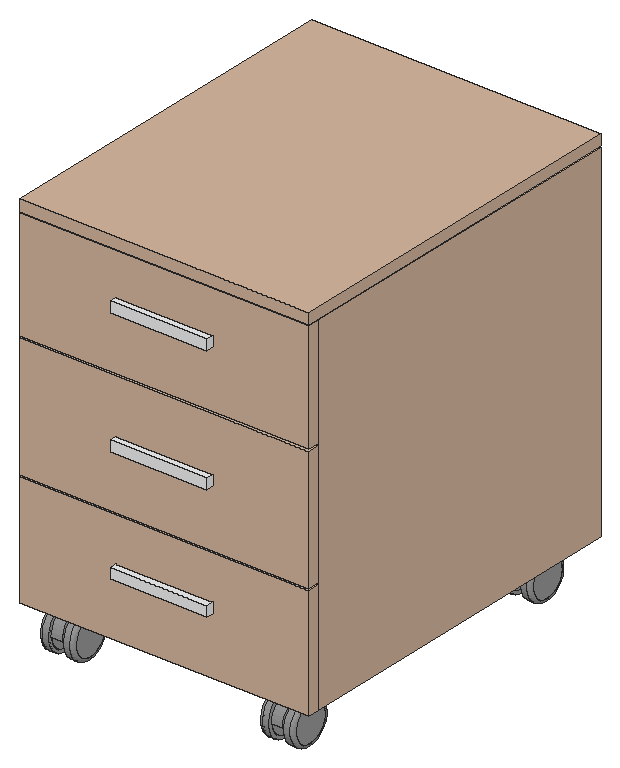
Revit family "Тумба выкатная 3 ящика Юнитекс ПФ ПТ", category Оборудование, Revit 2017
Family settings
  Размер круглого соединителя = Использовать диаметр
  Тип детали = Нормальный
  Номер OmniClass = 23.40.20.00
  Заголовок OmniClass = General Furniture and Specialties
  На основе рабочей плоскости = Нет
  Всегда вертикально = Да
  При загрузке вырезать с полостями = Нет
  Общий = Нет
  Точка расчета площади = Нет
Parameters (values of type "Тумба выкатная 3-ящичная с замком ПФ")
  Общ_Ширина = 420 mm
  Общ_Тип, марка = "ПК 781"
  Общ_Примечание = ""
  Общ_Поставщик = "Юнитекс"
  Общ_Позиция = ""
  Общ_Наименование = "Тумба выкатная 3-ящичная с замком"
  Общ_Масса = ""
  Общ_Код продукции = ""
  Общ_Единицы измерения = "шт."
  Общ_Глубина = 530 mm
  Общ_Высота = 590 mm
  Изготовитель = "ОАО «1470 УМТО» - производственная база «27ДОЗ» 121471 г. Москва, ул.Гжатская д.9. Тел:(495)443-62-26 Сайт: пэу.рф"
Types (3, lengths in mm): name | Общ_Тип, марка | Общ_Наименование | Общ_Глубина | Общ_Высота
  Тумба выкатная 3-ящичная с центральным замком ПФ | "ПК 918" | "Тумба выкатная 3-ящичная с центральным замком" | 530 | 590
  Тумба выкатная 3-ящичная с замком ПФ | "ПК 781" | "Тумба выкатная 3-ящичная с замком" | 530 | 590
  Тумба к столу руководителя ПТ | "ПТ 213" | "Тумба выкатная с прямоугольной крышкой 3-ящичная с центральным замком" | 520 | 600
Reference planes
  plane 1 "По центру (Вперед/Назад)": y = -530.004
  plane 2: z = 0
  plane 3 "По центру (Влево/Вправо)": x = 0
  plane 4: x = 420
  plane 5: y = -0.004
  plane 6: z = 590
  plane 7: z = 50
  plane 8: x = 370
  plane 9: x = 50
  plane 10: y = -50.004
  plane 11: y = -480.004
Forms (mm)
  Extrusion 1, solid, material "GKS_Дуб", detail levels fine
    sketch origin (0, 0, 0) x (1, 0, 0) y (0, 1, 0)
      loop
        line (420, -530.004) -> (420, -0.004) -> (0, -0.004) -> (0, -530.004) -> (420, -530.004)
    from 65 to 590
  Extrusion 2, void, detail levels fine
    sketch origin (420, -530.004, 0) x (1, 0, 0) y (0, 0, -1)
      loop
        line (-420, -412) -> (0, -412) -> (0, -409) -> (-420, -409) -> (-420, -412)
      loop
        line (-420, -231) -> (0, -231) -> (0, -228) -> (-420, -228) -> (-420, -231)
    from 0 to 18
  Extrusion 3, solid, material "Алюминий 1100-H14", detail levels fine
    sketch origin (420, -530.004, 0) x (-1, 0, 0) y (0, 0, -1)
      loop
        line (280, -510.937) -> (280, -495.937) -> (140, -495.937) -> (140, -510.937) -> (280, -510.937)
      loop
        line (280, -329.937) -> (280, -314.937) -> (140, -314.937) -> (140, -329.937) -> (280, -329.937)
      loop
        line (280, -163.937) -> (280, -148.937) -> (140, -148.937) -> (140, -163.937) -> (280, -163.937)
    from 0 to 10
  Extrusion 4, void
    sketch origin (0, 0, 0) x (1, 0, 0) y (0, 1, 0)
      loop
        line (415, -5.004) -> (5, -5.004) -> (5, -525.004) -> (415, -525.004) -> (415, -5.004)
      loop
        line (420, -0.004) -> (0, -0.004) -> (0, -530.004) -> (420, -530.004) -> (420, -0.004)
    from 572 to 574
  Extrusion 5, void
    sketch origin (0, 0, 0) x (1, 0, 0) y (0, 1, 0)
      loop
        line (0, -512.004) -> (0, -514.004) -> (16, -514.004) -> (16, -512.004) -> (0, -512.004)
      loop
        line (404, -512.004) -> (404, -514.004) -> (420, -514.004) -> (420, -512.004) -> (404, -512.004)
    from 65 to 572
Cuts and joins
  Extrusion 2, Extrusion 4, Extrusion 5 cuts Extrusion 1
Lines and regions (mm)
  symbolic lines
    curve 1: line (0, -0.004, 0) -> (420, -0.004, 0)
    curve 2: line (0, -530.004, 0) -> (0, -0.004, 0)
    curve 3: line (420, -530.004, 0) -> (0, -530.004, 0)
    curve 4: line (420, -0.004, 0) -> (420, -530.004, 0)
    curve 5: line (0, -530.004, 0) -> (210, -0.004, 0)
    curve 6: line (210, -0.004, 0) -> (420, -530.004, 0)
Dimensions and locks
  "Общ_Глубина": plane 1 "По центру (Вперед/Назад)" to plane 5
  "Общ_Ширина": plane 3 "По центру (Влево/Вправо)" to plane 4
  "Общ_Высота": plane 6 to level
  plane 7 to plane 2 = 50 mm
  plane 3 "По центру (Влево/Вправо)" to Extrusion 1 = 420 mm
  aligned and locked: level to plane 2
  aligned and locked: Extrusion 1 sketch curve to plane 1 "По центру (Вперед/Назад)"
  aligned and locked: plane 4 to Extrusion 1 sketch curve
  aligned and locked: plane 5 to Extrusion 1 sketch curve
  aligned and locked: plane 3 "По центру (Влево/Вправо)" to Extrusion 1 sketch curve
  aligned and locked: Extrusion 1 to plane 6
  aligned and locked: curve 1 to cut or joined group of Extrusion 1, Extrusion 2, Extrusion 4, Extrusion 5
  aligned and locked: curve 2 to cut or joined group of Extrusion 1, Extrusion 2, Extrusion 4, Extrusion 5
  aligned and locked: curve 3 to cut or joined group of Extrusion 1, Extrusion 2, Extrusion 4, Extrusion 5
  aligned and locked: curve 4 to cut or joined group of Extrusion 1, Extrusion 2, Extrusion 4, Extrusion 5
Automatic sketch dimensions
  Extrusion 2 sketch curve to Extrusion 1 = 0 mm  (x2)
  Extrusion 1 to Extrusion 2 sketch curve = 0 mm  (x2)
  Extrusion 2 sketch curve to Extrusion 1 = 178 mm
  Extrusion 2 sketch curve to Extrusion 2 sketch curve = 3 mm  (x2)
  Extrusion 2 sketch curve to Extrusion 2 sketch curve = 178 mm
  Extrusion 3 sketch curve to Extrusion 1 = 140 mm  (x6)
  Extrusion 1 to Extrusion 3 sketch curve = 79.063 mm
  Extrusion 3 sketch curve to Extrusion 3 sketch curve = 15 mm  (x3)
  Extrusion 3 sketch curve to Extrusion 3 sketch curve = 166 mm
  Extrusion 1 to Extrusion 3 sketch curve = 98.937 mm
  plane 3 "По центру (Влево/Вправо)" to curve 5 = 210 mm
  plane 4 to Extrusion 4 sketch curve = 5 mm
  Extrusion 4 sketch curve to plane 1 "По центру (Вперед/Назад)" = 5 mm
  plane 5 to Extrusion 4 sketch curve = 5 mm
  plane 3 "По центру (Влево/Вправо)" to Extrusion 4 sketch curve = 5 mm
  Extrusion 4 sketch curve to plane 3 "По центру (Влево/Вправо)" = 0 mm
  plane 1 "По центру (Вперед/Назад)" to Extrusion 4 sketch curve = 0 mm
  plane 5 to Extrusion 4 sketch curve = 0 mm
  Extrusion 4 sketch curve to plane 4 = 0 mm
  Extrusion 5 sketch curve to plane 3 "По центру (Влево/Вправо)" = 0 mm
  Extrusion 5 sketch curve to plane 4 = 0 mm
  plane 3 "По центру (Влево/Вправо)" to Extrusion 5 sketch curve = 16 mm
  Extrusion 5 sketch curve to Extrusion 5 sketch curve = 16 mm
  Extrusion 5 sketch curve to plane 1 "По центру (Вперед/Назад)" = 16 mm  (x2)
  Extrusion 5 sketch curve to Extrusion 5 sketch curve = 2 mm  (x2)
Nested families
  nested 1: "Колесо для офисной мебели" at (370, -50.004, 0), type "Тип", detail levels fine
  nested 2: "Колесо для офисной мебели" at (50, -50.004, 0), type "Тип", detail levels fine
  nested 3: "Колесо для офисной мебели" at (50, -480.004, 0), type "Тип", detail levels fine
  nested 4: "Колесо для офисной мебели" at (370, -480.004, 0), type "Тип", detail levels fine
Definition of nested family "Колесо для офисной мебели"
  Parameters (values of type "Тип")
    Keynote = ""
    Model = "ТХ"  # constant formula
  Reference planes
    plane 1 "По центру (Вперед/Назад)": y = 0
    plane 2: z = 0
    plane 3 "По центру (Влево/Вправо)": x = 0
  Forms (mm)
    Extrusion 1, solid
      sketch origin (-0.139, 104.186, 0) x (0, -1, 0) y (0, 0, 1)
        loop
          arc (149.336, 32.485) -> (140.525, 53.92) -> (119.186, 62.96) r 30.477
          arc (119.186, 62.96) -> (97.847, 53.92) -> (89.036, 32.485) r 30.477
          line (89.036, 32.485) -> (95.536, 32.485)
          arc (95.536, 32.485) -> (102.443, 49.324) -> (119.186, 56.46) r 23.977
          arc (119.186, 56.46) -> (135.929, 49.324) -> (142.836, 32.485) r 23.977
          line (142.836, 32.485) -> (149.336, 32.485)
      from -8 to 8
    Revolve 2, solid
      sketch origin (23.908, -15.007, 1200) x (-1, 0, 0) y (0, 0, 1)
        loop
          line (-0.937, -1141.717) -> (13.078, -1141.717) -> (13.078, -1137.006) -> (4.104, -1137.006)
          arc (4.104, -1137.006) -> (0.654, -1138.367) -> (-0.937, -1141.717) r 5.053
        axis (-0.937, -1168.5) -> (13.078, -1168.5)
      angle from 0 to 360
    Extrusion 3, solid
      sketch origin (-1.382, 6.475, 0) x (0, -1, 0) y (0, 0, 1)
        loop
          circle (21.482, 31.5) r 26.783
      from 9.8 to 22.25
    Revolve 4, solid
      sketch origin (-24.182, -15.007, 1200) x (1, 0, 0) y (0, 0, -1)
        loop
          arc (-0.937, 1141.717) -> (0.654, 1138.367) -> (4.104, 1137.006) r 5.053
          line (4.104, 1137.006) -> (13.078, 1137.006) -> (13.078, 1141.717) -> (-0.937, 1141.717)
        axis (-0.937, 1168.5) -> (13.078, 1168.5)
      angle from 0 to 360
    Extrusion 5, solid
      sketch origin (1.186, 6.475, 0) x (0, -1, 0) y (0, 0, -1)
        loop
          circle (21.482, -31.5) r 26.783
      from 9.8 to 22.25
    Revolve 6, solid
      sketch origin (0, 0, 0) x (1, 0, 0) y (0, 0, 1)
        loop
          line (0, 64.498) -> (-9.268, 64.498)
          arc (-9.268, 64.498) -> (-10.566, 63.96) -> (-11.104, 62.661) r 1.836
          line (-11.104, 62.661) -> (-11.104, 44.5)
          arc (-11.104, 44.5) -> (-7.743, 37.067) -> (0, 34.5) r 10.161
          line (0, 34.5) -> (0, 64.498)
        axis (0, 34.5) -> (0, 64.498)
      angle from 0 to 360
    Extrusion 7, solid
      sketch origin (0, 0, 0) x (1, 0, 0) y (0, 1, 0)
        loop
          circle (0, 0) r 6.35
      from 60 to 85
  Lines and regions (mm)
    symbolic lines, detail levels coarse+medium
      curve 1: line (-6.828, 0, 0) -> (6.828, 0, 0)
      curve 2: line (0, 6.828, 0) -> (0, -6.828, 0)
  Dimensions and locks
    aligned and locked: level to plane 2
